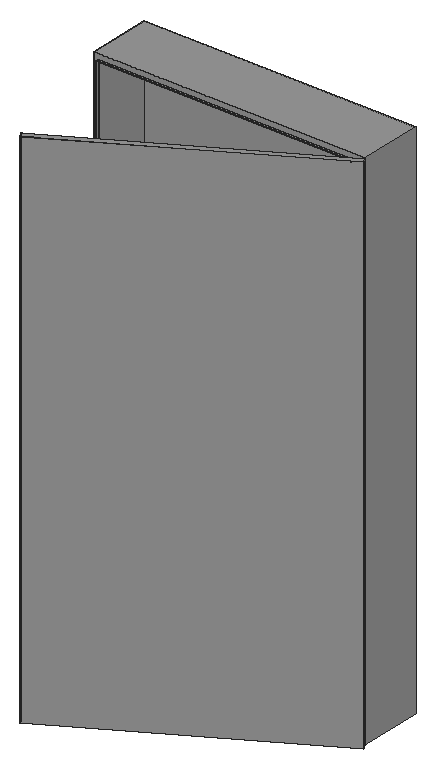
Revit family "Hager-Univers-IP54-D205-H1550-Cl.II-Encl-NoHosted-PT-pt", category Electrical Equipment, Revit 2020
Family settings
  Panel Configuration = Two Columns, Circuits Across
  Round Connector Dimension = Use Diameter
  Part Type = Panelboard
  Work Plane-Based = Yes
  Always vertical = Yes
  Cut with Voids When Loaded = No
  Shared = No
  Room Calculation Point = No
Parameters (values of type "Montagem em superfície (gesso) IP54 L800 A1550 P205  - FP03SW2")
  Width Control [instance] = if([EF000008 - Largura] > Min Width, [EF000008 - Largura], Min Width)  # 800 mm
  Type Comments = [HG000003 - Gama]  # "Univers"
  Thickness Door [instance] = if([EF009171 - Espessura do material da porta/tampa] > 3 mm, 3 mm, [EF009171 - Espessura do material da porta/tampa])  # 1 mm
  Seal Frame Offset [instance] = 17 mm  # constant formula
  Plinth Visibility [instance] = [HG000027 - Altura da Plinta] > 0 mm  # no
  Min Width [instance] = 100 mm  # constant formula
  Min Depth [instance] = (2 * [EF009170 - Espessura do material do invólucro]) + 1 mm  # 3 mm
  Min Height [instance] = 100 mm  # constant formula
  Internal Frame Depth [instance] = (Door System Depth * 0.5)  # 9 mm
  Panel Name [instance] = ""  # (empty or 0)
  Model = ""
  HG000027 - Altura da Plinta = 0 mm
  HG000026 - Instalação no chão = no
  HG000024 - Altura da secção inferior = 600 mm
  HG000023 - Recinto de secção dupla = no
  HG000016 - Visibilidade da porta 3D [instance] = yes
  HG000015 - Visibilidade através da porta [instance] = no
  HG000014 - Porta à direita [instance] = yes
  HG000013 - Porta à esquerda [instance] = not([HG000014 - Porta à direita])  # no
  HG000012 - Ângulo de abertura de porta [instance] = 30.00°
  HG000010 - Portas assimétricas = no
  HG000009 - Porta dupla = no
  HG000006 - Encastrado = no
  HG000004 - Referência do Fabricante = "FP03SW2"
  HG000003 - Gama = "Univers"
  HG000002 - Com porta ou tampa = yes
  Frame Offset Bottom [instance] = 10 mm  # constant formula
  Frame Offset [instance] = 15 mm  # constant formula
  EF015940 - Tampa com libertação de sobrepressão = no
  EF011959 - Grau de proteção (NEMA) = ""
  EF009554 - Número de aberturas para placas de flange = 6
  EF009212 - Tipo de tampa = "EV000116 - Fechado"
  EF009171 - Espessura do material da porta/tampa = 1 mm
  EF009170 - Espessura do material do invólucro = 1 mm
  EF008873 - Corrente nominal (In) = 250 A
  EF007800 - Adequado para proteção contra raios = no
  EF006306 - Com fecho = no
  EF006244 - Tampa/porta transparente = no
  EF005474 - Grau de proteção (IP) = "EV006419 - IP54"
  EF004464 - Tipo de porta = "EV002646 - Único"
  EF004427 - Número de módulos = 360
  EF004293 - Força de impacto = "EV006815 - IK09"
  EF003532 - Adequado para uso no exterior = no
  EF002950 - Largura em número de módulos = 36
  EF001613 - Integridade do circuito = "EV000494 - Nenhum"
  EF001596 - Material do corpo = "EV000179 - Aço"
  EF001131 - Profundidade interior = 143 mm
  EF001088 - Extensão possível = yes
  EF000437 - Número de entradas de condutores = 6
  EF000339 - Tipo de difusor = "EV001012 - Tampa"
  EF000266 - Número de linhas = 10
  EF000218 - Profundidade incorporada = 205 mm
  EF000118 - Com tampa de montagem = no
  EF000116 - Número RAL = "9010"
  EF000049 - Profundidade = 205 mm
  EF000040 - Altura = 1550 mm
  EF000008 - Largura = 800 mm
  EF000007 - Cor = "EV000202 - Branco"
  EF000003 - Método de montagem = "EV000384 - Montagem em superfície (gesso)"
  Door System Leaf Tolerance [instance] = 1.5 mm  # constant formula
  Door System Depth [instance] = 18 mm  # constant formula
  Door Height [instance] = Height Control - [HG000027 - Altura da Plinta]  # 1550 mm
  Description = ""
  Default Elevation = 1219.2 mm
  Connector Offset [instance] = Height Control / 2  # 775 mm
  Manufacturer = "Hager"  # constant formula
  Height Control [instance] = if([EF000040 - Altura] > Min Height, [EF000040 - Altura], Min Height)  # 1550 mm
  Depth Control [instance] = if([EF000049 - Profundidade] > Min Depth, [EF000049 - Profundidade], Min Depth)  # 205 mm
  Bottom Top Plate Trim [instance] = 1.5 mm  # constant formula
  Plinth height Ctrl [instance] = if([HG000027 - Altura da Plinta] > 0 mm, [HG000027 - Altura da Plinta], 12 mm)  # 12 mm
Types (5, lengths in mm): name | Width Control | HG000010 - Portas assimétricas | HG000009 - Porta dupla | HG000004 - Referência do Fabricante | EF009554 - Número de aberturas para placas de flange | EF008873 - Corrente nominal (In) | EF004464 - Tipo de porta | EF004427 - Número de módulos | EF002950 - Largura em número de módulos | EF000437 - Número de entradas de condutores | EF000008 - Largura
  Montagem em superfície (gesso) IP54 L1050 A1550 P205  - FP04SW2 | 1050 | no | yes | "FP04SW2" | 8 | 400 A | "EV003602 - Duplo" | 480 | 48 | 8 | 1050
  Montagem em superfície (gesso) IP54 L1300 A1550 P205  - FP05SW2 | 1300 | yes | yes | "FP05SW2" | 10 | 400 A | "EV003602 - Duplo" | 600 | 60 | 10 | 1300
  Montagem em superfície (gesso) IP54 L300 A1550 P205  - FP01SW2 | 300 | no | no | "FP01SW2" | 2 | 250 A | "EV002646 - Único" | 120 | 12 | 2 | 300
  Montagem em superfície (gesso) IP54 L550 A1550 P205  - FP02SW2 | 550 | no | no | "FP02SW2" | 4 | 250 A | "EV002646 - Único" | 240 | 24 | 4 | 550
  Montagem em superfície (gesso) IP54 L800 A1550 P205  - FP03SW2 | 800 | no | no | "FP03SW2" | 6 | 250 A | "EV002646 - Único" | 360 | 36 | 6 | 800
Reference planes
  plane 1 "Center (Front/Back)": y = 0
  plane 2: z = 0
  plane 3 "Center (Left/Right)": x = 0
  plane 4: y = 0
  plane 5: y = 0
  plane 6: z = 0
  plane 7: x = -400
  plane 8: x = 400
  plane 9: x = 399
  plane 10: x = -399
  plane 11: z = 0
  plane 12: z = 1
  plane 13: y = -205
  plane 14: y = -1
  plane 15: x = 0
  plane 16: y = -187
  plane 17: y = -204
  plane 18: y = -186
  plane 19: x = -384
  plane 20: x = 384
  plane 21: z = 11
  plane 22: x = -383
  plane 23: x = 383
  plane 24: z = 0
  plane 25: z = 1550
  plane 26: z = 1550
  plane 27: z = 1534
  plane 28: z = 1549
Forms (mm)
  Extrusion 1, solid, material "Hager_Steel_RAL7035_Light_Grey", detail levels medium+fine
    sketch origin (-208.679, -4572, 0) x (-1, 0, 0) y (0, -1, 0)
      loop
        line (191.321, -4385) -> (-608.679, -4385) -> (-608.679, -4572) -> (191.321, -4572) -> (191.321, -4385)
    from 0 to 1550
  Extrusion 2, void
    sketch origin (-350.771, -205, 1219.2) x (1, 0, 0) y (0, 0, 1)
      loop
        line (-48.229, 329.8) -> (-48.229, -1218.2) -> (749.771, -1218.2) -> (749.771, 329.8) -> (-48.229, 329.8)
    from -19 to -204
  Extrusion 3, void
    sketch origin (-290.084, -187, 1219.2) x (1, 0, 0) y (0, 0, 1)
      loop
        line (-93.916, -1208.2) -> (674.084, -1208.2) -> (674.084, 314.8) -> (-93.916, 314.8) -> (-93.916, -1208.2)
    from 0 to -1
  Extrusion 4, solid, material "Hager_Steel_RAL7035_Light_Grey", visible <- "Plinth Visibility", detail levels medium+fine
    sketch origin (0, 0, 0) x (1, 0, 0) y (0, 1, 0)
      loop
        line (-400, 0) -> (-400, -187) -> (400, -187) -> (400, 0) -> (-400, 0)
    from 0 to 12 <- "Plinth height Ctrl"
  Extrusion 5, solid, material "Hager_Steel_RAL7035_Light_Grey", detail levels coarse
    sketch origin (0, 0, 0) x (1, 0, 0) y (0, 1, 0)
      loop
        line (-400, 0) -> (-400, -205) -> (400, -205) -> (400, 0) -> (-400, 0)
    from 0 to 1550 <- "Height Control"
  Sweep 6, void
    path in 3D
      loop
        line (-400, -187, 12) -> (400, -187, 12) -> (400, 0, 12) -> (-400, 0, 12) -> (-400, -187, 12)
    profile origin (-400, -93.5, 12) x (1, 0, 0) y (0, 0, 1)
      loop
        line (0, 0) -> (0, -1.5) -> (1.5, -1.5)
        arc (1.5, -1.5) -> (1.061, -0.439) -> (0, 0) r 1.5
  Extrusion 7, solid, material "Hager_Steel_RAL7035_Light_Grey", detail levels fine
    sketch origin (-400, -187, 0) x (1, 0, 0) y (0, 0, 1)
      loop
        line (16, 11) -> (784, 11) -> (784, 1534) -> (16, 1534) -> (16, 11)
      loop
        line (15, 10) -> (785, 10) -> (785, 1535) -> (15, 1535) -> (15, 10)
    from 0 to 9 <- "Internal Frame Depth"
Cuts and joins
  Extrusion 2, Extrusion 3 cuts Extrusion 1
  Sweep 6 cuts Extrusion 4
Lines and regions (mm)
  Masking region 1
    outline origin (0, 0, 0) x (1, 0, 0) y (0, 1, 0)
      loop
        line (-400, 0) -> (-400, -205) -> (400, -205) -> (400, 0) -> (-400, 0)
  Masking region 2, detail levels coarse
    outline origin (-290.084, -187, 1219.2) x (-1, 0, 0) y (0, 0, 1)
      loop
        line (-690.084, -1219.2) -> (109.916, -1219.2) -> (109.916, 330.8) -> (-690.084, 330.8) -> (-690.084, -1219.2)
  Masking region 3, detail levels coarse
    outline origin (0, 0, 0) x (0, 1, 0) y (0, 0, 1)
      loop
        line (0, 0) -> (0, 1550) -> (-205, 1550) -> (-205, 0) -> (0, 0)
  Masking region 4, visible <- "Plinth Visibility", detail levels medium+fine
    outline origin (0, 0, 0) x (0, 1, 0) y (0, 0, 1)
      loop
        line (-1.5, 12) -> (-185.5, 12)
        arc (-185.5, 12) -> (-185.939, 10.939) -> (-187, 10.5) r 1.5
        line (-187, 10.5) -> (-187, 0) -> (0, 0) -> (0, 10.5)
        arc (0, 10.5) -> (-1.061, 10.939) -> (-1.5, 12) r 1.5
  Masking region 5, detail levels medium+fine
    outline origin (0, 0, 594.038) x (0, 1, 0) y (0, 0, 1)
      loop
        line (0, -594.038) -> (0, 955.962) -> (-187, 955.962) -> (-187, -594.038) -> (0, -594.038)
  Masking region 6, detail levels medium+fine
    outline origin (-359.7, -187, 1211.883) x (-1, 0, 0) y (0, 0, 1)
      loop
        line (-759.7, -1211.883) -> (40.3, -1211.883) -> (40.3, 338.117) -> (-759.7, 338.117) -> (-759.7, -1211.883)
  Masking region 7, visible <- "Plinth Visibility", detail levels medium+fine
    outline origin (-320.334, -187, 1041.368) x (-1, 0, 0) y (0, 0, 1)
      loop
        line (-720.334, -1041.368) -> (79.666, -1041.368) -> (79.666, -1030.868)
        arc (79.666, -1030.868) -> (78.606, -1030.429) -> (78.166, -1029.368) r 1.5
        line (78.166, -1029.368) -> (-718.834, -1029.368)
        arc (-718.834, -1029.368) -> (-719.273, -1030.429) -> (-720.334, -1030.868) r 1.5
        line (-720.334, -1030.868) -> (-720.334, -1041.368)
  sketch lines
    curve 1: line (-400, 0, 12) -> (-400, -187, 12)
    curve 2: line (-400, -187, 12) -> (400, -187, 12)
    curve 3: line (400, 0, 12) -> (-400, 0, 12)
    curve 4: line (400, -187, 12) -> (400, 0, 12)
Dimensions and locks
  locked: plane 1 "Center (Front/Back)" to plane 5
  "EF009170 - Espessura do material do invólucro": plane 7 to plane 10
  "EF009170 - Espessura do material do invólucro": plane 8 to plane 9
  equal spacing: plane 7, plane 3 "Center (Left/Right)", plane 8
  "Width Control": plane 7 to plane 8
  "Depth Control": plane 4 to plane 13
  "EF009170 - Espessura do material do invólucro": plane 4 to plane 14
  "Height Control": plane 25 to level
  "HG000027 - Altura da Plinta": plane 11 to level
  "EF009170 - Espessura do material do invólucro": plane 12 to plane 11
  "EF009170 - Espessura do material do invólucro": plane 17 to plane 13
  "EF009170 - Espessura do material do invólucro": plane 18 to plane 16
  "Frame Offset Bottom": plane 21 to plane 12
  "Frame Offset": plane 10 to plane 19
  "Frame Offset": plane 9 to plane 20
  "Door System Depth": plane 16 to plane 13
  "Seal Frame Offset": plane 7 to plane 22
  "Seal Frame Offset": plane 8 to plane 23
  "EF009170 - Espessura do material do invólucro": plane 26 to plane 28
  "Frame Offset": plane 28 to plane 27
  "Connector Offset": plane 2 to connector elem
  "Bottom Top Plate Trim": profile plane to Sweep 6 sketch curve
  "Bottom Top Plate Trim": Sweep 6 sketch curve to Sweep 6 sketch curve
  "Plinth height Ctrl": Masking region 4 sketch curve to level
  "Plinth height Ctrl": Masking region 7 sketch curve to level
  "Thickness Door": Extrusion 7 sketch curve to Extrusion 7 sketch curve  (x4)
  "Bottom Top Plate Trim": radius of Sweep 6 sketch curve
  "Bottom Top Plate Trim": radius of Masking region 4 sketch curve  (x2)
  "Bottom Top Plate Trim": radius of Masking region 7 sketch curve  (x2)
  aligned and locked: Extrusion 2 sketch curve to plane 12
  aligned and locked: Extrusion 2 sketch curve to plane 9
  aligned and locked: Extrusion 2 sketch curve to plane 10
  aligned and locked: Extrusion 2 to plane 14
  aligned and locked: Extrusion 1 sketch curve to plane 4
  aligned and locked: plane 8 to Extrusion 1 sketch curve
  aligned and locked: plane 7 to Extrusion 1 sketch curve
  aligned and locked: Extrusion 2 to plane 18
  aligned and locked: Extrusion 3 sketch curve to plane 19
  aligned and locked: plane 20 to Extrusion 3 sketch curve
  aligned and locked: Extrusion 3 to Extrusion 2
  aligned and locked: Extrusion 3 sketch curve to plane 21
  aligned and locked: plane 3 "Center (Left/Right)" to nested 1
  aligned and locked: Extrusion 1 sketch curve to plane 16
  aligned and locked: Extrusion 4 sketch curve to cut or joined group of Extrusion 1, Extrusion 2, Extrusion 3
  aligned and locked: Masking region 1 sketch curve to plane 7
  aligned and locked: Masking region 1 sketch curve to plane 5
  aligned and locked: Masking region 1 sketch curve to plane 8
  aligned and locked: Masking region 2 sketch curve to level
  aligned and locked: level to Masking region 3 sketch curve
  aligned and locked: plane 1 "Center (Front/Back)" to Masking region 3 sketch curve
  aligned and locked: plane 13 to Masking region 3 sketch curve
  aligned and locked: plane 5 to Masking region 4 sketch curve
  aligned and locked: Masking region 2 sketch curve to plane 8
  aligned and locked: Masking region 2 sketch curve to plane 7
  aligned and locked: plane 7 to nested 2
  aligned and locked: nested 2 to plane 5
  aligned and locked: plane 5 to Masking region 5 sketch curve
  aligned and locked: plane 26 to Masking region 5 sketch curve
  aligned and locked: Extrusion 5 sketch curve to plane 8
  aligned and locked: Extrusion 5 sketch curve to plane 7
  aligned and locked: Extrusion 5 sketch curve to plane 5
  aligned and locked: Extrusion 3 sketch curve to plane 27
  aligned and locked: Extrusion 2 sketch curve to plane 28
  aligned and locked: Masking region 2 to plane 25
  aligned and locked: Extrusion 4 to plane 16
  aligned and locked: profile plane to Sweep 6 sketch curve
  aligned and locked: Masking region 5 sketch curve to plane 24
  aligned and locked: level to Masking region 4 sketch curve
  aligned and locked: Masking region 1 to plane 13
  aligned and locked: nested 1 to plane 16
  aligned and locked: Masking region 3 to plane 25
  aligned and locked: plane 16 to Masking region 4 sketch curve
  aligned and locked: Masking region 5 sketch curve to plane 16
  aligned and locked: plane 24 to plane 11
  aligned and locked: plane 26 to plane 25
  aligned and locked: plane 26 to cut or joined group of Extrusion 1, Extrusion 2, Extrusion 3
  aligned and locked: nested 1 to plane 24
  aligned and locked: Extrusion 1 to Extrusion 3
  aligned and locked: Masking region 6 sketch curve to plane 8
  aligned and locked: Masking region 6 sketch curve to plane 24
  aligned and locked: Masking region 6 sketch curve to plane 7
  aligned and locked: Masking region 6 sketch curve to plane 26
  aligned and locked: Masking region 7 sketch curve to plane 7
  aligned and locked: level to Masking region 7 sketch curve
  aligned and locked: Masking region 7 sketch curve to plane 8
  aligned and locked: Extrusion 7 sketch curve to cut or joined group of Extrusion 1, Extrusion 2, Extrusion 3  (x4)
Automatic sketch dimensions
  plane 19 to Extrusion 3 sketch curve = 0 mm
  Extrusion 3 sketch curve to plane 20 = 0 mm
  Extrusion 3 sketch curve to plane 21 = 0 mm
  Extrusion 4 sketch curve to plane 7 = 0 mm
  Extrusion 4 sketch curve to plane 8 = 0 mm
  Extrusion 4 sketch curve to plane 16 = 0 mm
  Masking region 1 sketch curve to plane 13 = 0 mm
  Masking region 2 sketch curve to plane 25 = 0 mm
  Masking region 3 sketch curve to plane 25 = 0 mm
  Extrusion 5 sketch curve to plane 13 = 0 mm
  profile plane to Sweep 6 sketch curve = 0 mm
Nested families
  nested 1: "EC000058_Univers_Door" at (0, -187, 0), Double <- "HG000009 - Porta dupla", Transparent <- "EF006244 - Tampa/porta transparente", Angle <- "HG000012 - Ângulo de abertura de porta", Door_Right <- "HG000014 - Porta à direita", Assymetrical <- "HG000010 - Portas assimétricas", Door <- "HG000002 - Com porta ou tampa", Width_Ctrl <- "Width Control", 3d_Door <- "HG000016 - Visibilidade da porta 3D", Clearance <- "HG000015 - Visibilidade através da porta", Door_Left <- "HG000013 - Porta à esquerda", Width <- "Width Control", Door_Depth <- "Door System Depth", Leaf_Tolerance <- "Door System Leaf Tolerance", Height <- "Door Height", Lock_Visibility <- "EF006306 - Com fecho", Thickness <- "Thickness Door", type "EC000058_Univers_Door", detail levels medium+fine
    with min_wh 3 mm, Width_Ctrl 800 mm, Width 800 mm, Transparent no, Thickness 1 mm, Seal_Material Hager_Rubber, Lock_Visibility no, Lock_Material Hager_Plastic_RAL9005_Jet_Black, Leaf_Width 800 mm, Leaf_Tolerance_External_Sides 0 mm, Leaf_Tolerance 1.5 mm, Leaf_Offset 0 mm, Leaf_Height 1547 mm, Leaf_2_Width 800 mm, Leaf_2_Offset 400 mm, Leaf_1_Width 800 mm, Leaf_1_Offset 400 mm, Height_Ctrl 1550 mm, Height 1550 mm, Glass_Material Hager_Glass, Double_Clearance_Ctrl no, Double no, Door_Right_Ctrl yes, Door_Right yes, Door_Material Hager_Steel_RAL7035_Light_Grey, Door_Left_Ctrl no, Door_Left no, Door_Depth 18 mm, Door yes, Clearance_Material Hager_Clearance, Clearance_Depth 800 mm, Clearance_Ctrl no, Clearance no, Assymetrical no, Angle 30.00°, 3d_Door yes
  nested 2: "Hager_Enclosure_Symbol" at (-400, 0, 0), Height <- "Depth Control", Width <- "Width Control", type "Hager_Enclosure_Symbol"
    with Width_Ctrl 800 mm, Width 800 mm, Height_Ctrl 205 mm, Height 205 mm, A_Width_Int 13.453 mm, A_Width 161.438 mm, A_Height_Ctrl 179.375 mm, A_Height 179.375 mm
Connectors
  electrical at (0, 0, 775)
    settings: on plane 1 "Center (Front/Back)", index 1, voltage 0 V, apparent load 0 VA, apparent load phase1 0 VA, apparent load phase2 0 VA, apparent load phase3 0 VA, power factor 1, load classification "Other", number of poles 1, system type 30, power factor state 1, is connector primary yes, connector utility no, sub classification motor no, connector description ""
Definition of nested family "EC000058_Univers_Door"
  Parameters (values of type "EC000058_Univers_Door")
    min_wh [instance] = (2 * Thickness) + 1 mm  # 11 mm
    Width_Ctrl [instance] = 400 mm
    Width [instance] = 500 mm
    Transparent [instance] = yes
    Thickness [instance] = 5 mm
    Seal_Material [instance] = none
    Lock_Visibility [instance] = yes
    Lock_Material [instance] = none
    Leaf_Width [instance] = if((Width_Ctrl - 2 * Leaf_Tolerance_External_Sides) > 0 mm, (Width_Ctrl - 2 * Leaf_Tolerance_External_Sides), min_wh)  # 400 mm
    Leaf_Tolerance_External_Sides [instance] = 0 mm  # constant formula
    Leaf_Tolerance [instance] = 1.5 mm
    Leaf_Offset [instance] = 0 mm  # constant formula
    Leaf_Height [instance] = if((Height_Ctrl - 2 * Leaf_Tolerance) > 0 mm, (Height_Ctrl - 2 * Leaf_Tolerance), min_wh)  # 497 mm
    Leaf_2_Width [instance] = if(and(and(Double, Assymetrical), Door_Left), (Leaf_Width / 3) - (Leaf_Tolerance / 2), if(and(and(Double, Assymetrical), Door_Right), (Leaf_Width / 3) * 2 - (Leaf_Tolerance / 2), if(and(Double, not(Assymetrical)), (Leaf_Width / 2) - Leaf_Tolerance, Leaf_Width)))  # 400 mm
    Leaf_2_Offset [instance] = if(and(Double, Assymetrical), Leaf_2_Width / 2, if(and(Double, not(Assymetrical)), Leaf_Width / 4, Leaf_Width / 2))  # 200 mm
    Leaf_1_Width [instance] = if(and(and(Double, Assymetrical), Door_Right), (Leaf_Width / 3) - (Leaf_Tolerance / 2), if(and(and(Double, Assymetrical), Door_Left), (Width / 3) * 2 - (Leaf_Tolerance / 2), if(and(Double, not(Assymetrical)), (Leaf_Width / 2) - Leaf_Tolerance, Leaf_Width)))  # 400 mm
    Leaf_1_Offset [instance] = if(and(Double, Assymetrical), Leaf_1_Width / 2, if(and(Double, not(Assymetrical)), Leaf_Width / 4, Leaf_Width / 2))  # 200 mm
    Height_Ctrl [instance] = if(Height > min_wh, Height, min_wh)  # 500 mm
    Height [instance] = 500 mm
    Glass_Material [instance] = none
    Double_Clearance_Ctrl [instance] = and(Double, Clearance)  # no
    Double [instance] = no
    Door_Right_Ctrl [instance] = and(or(Door_Right, Double), Door)  # yes
    Door_Right [instance] = yes
    Door_Material [instance] = none
    Door_Left_Ctrl [instance] = and(or(Door_Left, Double), Door)  # no
    Door_Left [instance] = no
    Door_Depth [instance] = 30 mm
    Door [instance] = yes
    Default Elevation = 1219.2 mm
    Clearance_Material [instance] = none
    Clearance_Depth [instance] = if(Leaf_1_Width > Leaf_2_Width, Leaf_1_Width, Leaf_2_Width)  # 400 mm
    Clearance_Ctrl [instance] = and(not(Double), Clearance)  # yes
    Clearance [instance] = yes
    Assymetrical [instance] = yes
    Angle [instance] = 30.00°
    3d_Door [instance] = yes
  Reference planes
    plane 1 "Center (Front/Back)": y = 0
    plane 2 "Bottom": z = 0
    plane 3 "Center (Left/Right)": x = 0
    plane 4: z = 500
    plane 5: x = -200
    plane 6: x = 200
    plane 7: z = 500
    plane 8: x = -200
    plane 9: z = 0
    plane 10: x = 200
    plane 11: y = 0
    plane 12: z = 1.5
    plane 13: x = -600
    plane 14: y = -400
    plane 15: x = 600
    plane 16: x = 0
    plane 17: x = 0
    plane 18: x = -200
    plane 19: x = 200
    plane 20: z = 498.5
  Forms (mm)
    Extrusion 1, solid, material <- "Clearance_Material", visible <- "Double_Clearance_Ctrl"
      sketch origin (1200, 0, 0) x (1, 0, 0) y (0, 0, -1)
        loop
          line (-1800, -498.5) -> (-600, -498.5) -> (-600, 0) -> (-1800, 0) -> (-1800, -498.5)
      from 0 to -400
  Dimensions and locks
    equal spacing: plane 5, plane 3 "Center (Left/Right)", plane 6
    "Width_Ctrl": plane 5 to plane 6
    "Leaf_Offset": plane 5 to plane 8
    "Leaf_Offset": plane 6 to plane 10
    "Leaf_Offset": plane 9 to level
    "Leaf_Offset": plane 4 to plane 7
    "Height_Ctrl": plane 4 to level
    "Leaf_Tolerance": plane 12 to plane 9
    locked: plane 11 to plane 1 "Center (Front/Back)"
    "Leaf_1_Offset": plane 18 to plane 16
    "Leaf_2_Offset": plane 17 to plane 19
    "Leaf_1_Width": plane 13 to plane 8
    "Leaf_2_Width": plane 10 to plane 15
    "Clearance_Depth": plane 14 to plane 1 "Center (Front/Back)"
    "Leaf_Tolerance_External_Sides": plane 8 to plane 18
    "Leaf_Tolerance_External_Sides": plane 19 to plane 10
    "Leaf_Tolerance": plane 7 to plane 20
    aligned and locked: level to plane 2 "Bottom"
    aligned and locked: nested 1 to plane 16
    aligned and locked: nested 2 to plane 17
    aligned and locked: Extrusion 1 to plane 13
    aligned and locked: plane 15 to Extrusion 1
    aligned and locked: Extrusion 1 to plane 14
    aligned and locked: plane 12 to nested 1
    aligned and locked: nested 2 to plane 12
    aligned and locked: Extrusion 1 to plane 11
    aligned and locked: plane 20 to Extrusion 1
    aligned and locked: nested 2 to plane 11
    aligned and locked: nested 1 to plane 11
  Automatic sketch dimensions
    Extrusion 1 sketch curve to level = 0 mm
    plane 5 to Extrusion 1 sketch curve = 400 mm
    plane 6 to Extrusion 1 sketch curve = 400 mm
    Extrusion 1 sketch curve to plane 4 = 1.5 mm
  Nested families
    nested 1: "EC000058_Univers_Door_Leaf" at (0, 0, 1.5), Width <- "Leaf_1_Width", visible <- "Door_Left_Ctrl", Leaf_Height <- "Leaf_Height", Angle <- "Angle", 3d_Door <- "3d_Door", Transparent <- "Transparent", Clearance Material <- "Clearance_Material", Clearance <- "Clearance_Ctrl", Door_Material <- "Door_Material", Glass_Material <- "Glass_Material", Door_Depth <- "Door_Depth", Lock_Material <- "Lock_Material", Seal_Material <- "Seal_Material", Lock_Visibility <- "Lock_Visibility", Thickness <- "Thickness", type "EC000058_Univers_Door_Leaf"
      with Width 400 mm, Transparent_Glass_Offset 30 mm, Transparent_Ctrl yes, Transparent yes, Thickness 5 mm, Standard no, Seal_Material none, Seal_D2 8 mm, Seal_D1 1 mm, Offset_Internal_Frame 10 mm, Lock_Width 20 mm, Lock_Visibility_3d yes, Lock_Visibility yes, Lock_Thickness_3 3 mm, Lock_Thickness_2 1 mm, Lock_Thickness_1 3 mm, Lock_Radius_Offset_2 16 mm, Lock_Radius_Offset_1 15 mm, Lock_Radius_2 5 mm, Lock_Radius 6 mm, Lock_Offset 5 mm, Lock_Material none, Lock_Height 80 mm, Lock_Cover_Top_Offset_2d 17 mm, Lock_Cover_Height -65 mm, Leaf_Height 497 mm, Internal_Seal_Thickness 8 mm, Internal_Seal_Depth_2 4.5 mm, Internal_Frame_Depth 25 mm, Glass_Thickness -1 mm, Glass_Offset -2 mm, Glass_Material none, Door_Material none, Door_Depth 30 mm, Clearance Material none, Clearance yes, Angle_Ctrl 30.00°, Angle 30.00°, 3d_Door yes
    nested 2: "EC000058_Univers_Door_Leaf" at (0, 0, 1.5) x (-1, 0, 0) z (0, 0, 1), Width <- "Leaf_2_Width", visible <- "Door_Right_Ctrl", Leaf_Height <- "Leaf_Height", Angle <- "Angle", 3d_Door <- "3d_Door", Transparent <- "Transparent", Clearance Material <- "Clearance_Material", Clearance <- "Clearance_Ctrl", Door_Material <- "Door_Material", Glass_Material <- "Glass_Material", Door_Depth <- "Door_Depth", Lock_Material <- "Lock_Material", Seal_Material <- "Seal_Material", Lock_Visibility <- "Lock_Visibility", Thickness <- "Thickness", type "EC000058_Univers_Door_Leaf"
      with Width 400 mm, Transparent_Glass_Offset 30 mm, Transparent_Ctrl yes, Transparent yes, Thickness 5 mm, Standard no, Seal_Material none, Seal_D2 8 mm, Seal_D1 1 mm, Offset_Internal_Frame 10 mm, Lock_Width 20 mm, Lock_Visibility_3d yes, Lock_Visibility yes, Lock_Thickness_3 3 mm, Lock_Thickness_2 1 mm, Lock_Thickness_1 3 mm, Lock_Radius_Offset_2 16 mm, Lock_Radius_Offset_1 15 mm, Lock_Radius_2 5 mm, Lock_Radius 6 mm, Lock_Offset 5 mm, Lock_Material none, Lock_Height 80 mm, Lock_Cover_Top_Offset_2d 17 mm, Lock_Cover_Height -65 mm, Leaf_Height 497 mm, Internal_Seal_Thickness 8 mm, Internal_Seal_Depth_2 4.5 mm, Internal_Frame_Depth 25 mm, Glass_Thickness -1 mm, Glass_Offset -2 mm, Glass_Material none, Door_Material none, Door_Depth 30 mm, Clearance Material none, Clearance yes, Angle_Ctrl 30.00°, Angle 30.00°, 3d_Door yes
  Definition of nested family "EC000058_Univers_Door_Leaf"
    Parameters (values of type "EC000058_Univers_Door_Leaf")
      Width [instance] = 2000 mm
      Transparent_Glass_Offset [instance] = 30 mm
      Transparent_Ctrl [instance] = and(Transparent, [3d_Door])  # yes
      Transparent [instance] = yes
      Thickness [instance] = 5 mm
      Standard [instance] = and(not(Transparent), [3d_Door])  # no
      Seal_Material [instance] = none
      Seal_D2 [instance] = 8 mm  # constant formula
      Seal_D1 [instance] = 1 mm  # constant formula
      Offset_Internal_Frame [instance] = 10 mm  # constant formula
      Lock_Width [instance] = 20 mm  # constant formula
      Lock_Visibility_3d [instance] = and(Lock_Visibility, [3d_Door])  # yes
      Lock_Visibility [instance] = yes
      Lock_Thickness_3 [instance] = 3 mm  # constant formula
      Lock_Thickness_2 [instance] = 1 mm  # constant formula
      Lock_Thickness_1 [instance] = 3 mm  # constant formula
      Lock_Radius_Offset_2 [instance] = Lock_Radius_Offset_1 + 1 mm  # 16 mm
      Lock_Radius_Offset_1 [instance] = 15 mm  # constant formula
      Lock_Radius_2 [instance] = Lock_Radius - 1 mm  # 5 mm
      Lock_Radius [instance] = 6 mm  # constant formula
      Lock_Offset [instance] = 5 mm  # constant formula
      Lock_Material [instance] = none
      Lock_Height [instance] = 80 mm  # constant formula
      Lock_Cover_Top_Offset_2d [instance] = Lock_Radius_Offset_2 + 1 mm  # 17 mm
      Lock_Cover_Height [instance] = -(Lock_Height - Lock_Radius_Offset_1)  # -65 mm
      Leaf_Height [instance] = 2720.336 mm
      Internal_Seal_Thickness [instance] = 8 mm  # constant formula
      Internal_Seal_Depth_2 [instance] = 4.5 mm  # constant formula
      Internal_Frame_Depth [instance] = if(Door_Depth - Thickness > 5 mm, Door_Depth - Thickness, 5 mm)  # 25 mm
      Glass_Thickness [instance] = if(Thickness > 15 mm, Glass_Offset + 10 mm, -1 mm)  # -1 mm
      Glass_Offset [instance] = if(Thickness > 15 mm, -(Thickness + 10 mm) / 2, -2 mm)  # -2 mm
      Glass_Material [instance] = none
      Door_Material [instance] = none
      Door_Depth [instance] = 30 mm
      Default Elevation = 0 mm
      Clearance Material [instance] = none
      Clearance [instance] = yes
      Angle_Ctrl [instance] = if(Angle > 180.00°, 180.00°, Angle)  # 90.00°
      Angle [instance] = 90.00°
      3d_Door [instance] = yes
    Reference planes
      plane 1 "Center (Front/Back)": y = 0
      plane 2: z = 0
      plane 3 "Center (Left/Right)": x = 0
      plane 4: y = 2000
      plane 5: x = -1000
      plane 6: x = 1000
      plane 7: x = -3000
      plane 8: z = 2720.336
      plane 9: z = 30
      plane 10: z = 2690.336
      plane 11: x = 970
      plane 12: x = -970
      plane 13: y = -3
      plane 14: z = 107.833
      plane 15: y = -5
      plane 16: y = -223.314
      plane 17: x = -1000
      plane 18: z = 1360.168
      plane 19: y = 30
    Forms (mm)
      Extrusion 1, solid, material <- "Clearance Material", visible <- "Clearance"
        sketch origin (0, 0, 0) x (1, 0, 0) y (0, 0, 1)
          loop
            line (-3000, 2720.336) -> (-3000, 0) -> (1000, 0) -> (1000, 2720.336) -> (-3000, 2720.336)
        from 0 to -2000
      Extrusion 2, solid, material <- "Door_Material", visible <- "Standard", detail levels medium+fine
        sketch origin (-1000, 0, 0) x (0, 1, 0) y (-1, 0, 0)
          loop
            line (0, 30) -> (0, 25) -> (2000, 25) -> (2000, 30) -> (0, 30)
        from 0 to 2720.336 <- "Leaf_Height"
      Extrusion 3, solid, material <- "Door_Material", visible <- "Transparent_Ctrl", detail levels medium+fine
        sketch origin (-1000, 0, 0) x (0, 1, 0) y (-1, 0, 0)
          loop
            line (0, 25) -> (2000, 25) -> (2000, 30) -> (0, 30) -> (0, 25)
        from 0 to 2720.336 <- "Leaf_Height"
      Extrusion 4, void
        sketch origin (-1025, 2000, 0) x (0, 1, 0) y (0, 0, -1)
          loop
            line (-30, -2690.336) -> (-30, -30) -> (-1970, -30) -> (-1970, -2690.336) -> (-30, -2690.336)
        from 0 to 5 <- "Thickness"
      Sweep 5, solid, material <- "Seal_Material", visible <- "Transparent_Ctrl", detail levels fine
        path in 3D
          loop
            line (-1025, 30, 30) -> (-1025, 30, 2690.336) -> (-1025, 1970, 2690.336) -> (-1025, 1970, 30) -> (-1025, 30, 30)
        profile origin (-1025, 1000, 30) x (1, 0, 0) y (0, 0, 1)
          loop
            line (0, 0) -> (0, -8) -> (1, -8) -> (1, 0) -> (0, 0)
      Extrusion 6, solid, material <- "Glass_Material", visible <- "Transparent_Ctrl", detail levels medium+fine
        sketch origin (-1030, 0, 0) x (0, 1, 0) y (0, 0, -1)
          loop
            line (1970, -2690.336) -> (1970, -30) -> (30, -30) -> (30, -2690.336) -> (1970, -2690.336)
        from -2 <- "Glass_Offset" to -1 <- "Glass_Thickness"
      Extrusion 7, solid, material <- "Door_Material", visible <- "3d_Door", detail levels medium+fine
        sketch origin (-1025, 2000, 0) x (0, -1, 0) y (0, 0, -1)
          loop
            line (0, -2720.336) -> (2000, -2720.336) -> (2000, 0) -> (0, 0) -> (0, -2720.336)
          loop
            line (1995, -5) -> (5, -5) -> (5, -2715.336) -> (1995, -2715.336) -> (1995, -5)
        from 0 to 25 <- "Internal_Frame_Depth"
      Sweep 8, solid, material <- "Seal_Material", visible <- "Transparent_Ctrl", detail levels fine
        path in 3D
          loop
            line (-1025, 0, 0) -> (-1025, 2000, 0) -> (-1025, 2000, 2720.336) -> (-1025, 0, 2720.336) -> (-1025, 0, 0)
        profile origin (-1025, 0, 1360.168) x (1, 0, 0) y (0, 1, 0)
          loop
            line (0, 10) -> (2.975, 10)
            arc (2.975, 10) -> (4.053, 10.447) -> (4.5, 11.525) r 1.525
            line (4.5, 11.525) -> (4.5, 16.527)
            arc (4.5, 16.527) -> (4.069, 17.569) -> (3.027, 18) r 1.473
            line (3.027, 18) -> (0, 18) -> (0, 10)
      Extrusion 9, solid, material <- "Lock_Material", visible <- "Lock_Visibility_3d", detail levels fine
        sketch origin (-1030, 0, 0) x (0, 1, 0) y (0, 0, -1)
          loop
            arc (1993.5, -1400.168) -> (1994.561, -1399.729) -> (1995, -1398.668) r 1.5
            line (1995, -1398.668) -> (1995, -1320.168) -> (1975, -1320.168) -> (1975, -1398.668)
            arc (1975, -1398.668) -> (1975.439, -1399.729) -> (1976.5, -1400.168) r 1.5
            line (1976.5, -1400.168) -> (1993.5, -1400.168)
        from 3 <- "Lock_Thickness_1" to 0
      Blend 10, solid, material <- "Lock_Material", visible <- "Lock_Visibility_3d", detail levels fine
        base sketch origin (-1033, 0, 0) x (0, 1, 0) y (0, 0, -1)
          loop
            line (1975, -1320.168) -> (1975, -1398.668)
            arc (1975, -1398.668) -> (1975.439, -1399.729) -> (1976.5, -1400.168) r 1.5
            line (1976.5, -1400.168) -> (1993.5, -1400.168)
            arc (1993.5, -1400.168) -> (1994.561, -1399.729) -> (1995, -1398.668) r 1.5
            line (1995, -1398.668) -> (1995, -1320.168) -> (1975, -1320.168)
        top sketch origin (-1033, 0, 0) x (0, 1, 0) y (0, 0, -1)
          loop
            line (1976, -1320.168) -> (1976, -1398.668)
            arc (1976, -1398.668) -> (1976.146, -1399.022) -> (1976.5, -1399.168) r 0.5
            line (1976.5, -1399.168) -> (1993.5, -1399.168)
            arc (1993.5, -1399.168) -> (1993.854, -1399.022) -> (1994, -1398.668) r 0.5
            line (1994, -1398.668) -> (1994, -1320.168) -> (1976, -1320.168)
        from 0 to 1 <- "Lock_Thickness_2"
      Blend 11, solid, material <- "Lock_Material", visible <- "Lock_Visibility_3d", detail levels fine
        base sketch origin (-1034, 0, 0) x (0, 1, 0) y (0, 0, -1)
          loop
            line (1978, -1320.168) -> (1978, -1384.168)
            arc (1978, -1384.168) -> (1985, -1391.168) -> (1992, -1384.168) r 7
            line (1992, -1384.168) -> (1992, -1320.168) -> (1978, -1320.168)
        top sketch origin (-1034, 0, 0) x (0, 1, 0) y (0, 0, -1)
          loop
            line (1991, -1320.168) -> (1979, -1320.168) -> (1979, -1383.168)
            arc (1979, -1383.168) -> (1985, -1389.168) -> (1991, -1383.168) r 6
            line (1991, -1383.168) -> (1991, -1320.168)
        from 0 to 3 <- "Lock_Thickness_3"
      Extrusion 12, solid, material <- "Lock_Material", visible <- "Lock_Visibility_3d", detail levels fine
        sketch origin (-1030, 1975, 1320.168) x (1, 0, 0) y (0, -1, 0)
          loop
            line (-7, -19) -> (-7, -1) -> (0, -1) -> (0, 0) -> (-8, 0) -> (-8, -20) -> (0, -20) -> (0, -19) -> (-7, -19)
        from 0 to -65 <- "Lock_Cover_Height"
      Extrusion 13, void
        sketch origin (-1038, 1995, 1320.168) x (-1, 0, 0) y (0, 0, -1)
          loop
            line (-5, -65) -> (0, -65) -> (-5, -60) -> (-5, -65)
        from 0 to 20 <- "Lock_Width"
      Extrusion 14, void
        sketch origin (-1038, 1975, 1320.168) x (0, -1, 0) y (0, 0, -1)
          loop
            circle (-10, -15.995) r 6
          loop
            circle (-10, -15.995) r 5
        from 0 to 2
      Extrusion 15, solid, material <- "Lock_Material", visible <- "Lock_Visibility_3d", detail levels medium
        sketch origin (-1030, 0, 0) x (0, 1, 0) y (0, 0, -1)
          loop
            arc (1993.5, -1400.168) -> (1994.561, -1399.729) -> (1995, -1398.668) r 1.5
            line (1995, -1398.668) -> (1995, -1320.168) -> (1975, -1320.168) -> (1975, -1398.668)
            arc (1975, -1398.668) -> (1975.439, -1399.729) -> (1976.5, -1400.168) r 1.5
            line (1976.5, -1400.168) -> (1993.5, -1400.168)
        from 8 to 0
    Cuts and joins
      Extrusion 4 cuts Extrusion 3
      Extrusion 13, Extrusion 14 cuts Extrusion 9
      Extrusion 14 cuts Blend 11
      Extrusion 13, Extrusion 14 cuts Extrusion 12
      joined: Extrusion 9, Blend 10, Blend 11, Extrusion 12
      Extrusion 14 cuts Extrusion 15
    Lines and regions (mm)
      Masking region 1, visible <- "Lock_Visibility", detail levels fine
        outline origin (0, 0, 0) x (0, 1, 0) y (0, 0, 1)
          loop
            line (30, 1320.168) -> (33, 1320.168) -> (33, 1400.168) -> (30, 1400.168) -> (30, 1320.168)
      Masking region 2, visible <- "Lock_Visibility", detail levels fine
        outline origin (0, 3.143, 0) x (0, 1, 0) y (0, 0, 1)
          loop
            line (29.857, 1354.168) -> (30.857, 1354.168) -> (30.857, 1366.168) -> (29.857, 1366.168) -> (29.857, 1354.168)
      Masking region 3, detail levels medium+fine
        outline origin (0, 0, 0) x (0, 1, 0) y (0, 0, 1)
          loop
            line (0, 0) -> (30, 0) -> (30, 2720.336) -> (0, 2720.336) -> (0, 0)
      Masking region 4, detail levels medium+fine
        outline origin (0, 0, 0) x (1, 0, 0) y (0, 0, 1)
          loop
            line (-1000, 2720.336) -> (-1000, 0) -> (1000, 0) -> (1000, 2720.336) -> (-1000, 2720.336)
      Masking region 5, visible <- "Lock_Visibility", detail levels fine
        outline origin (-47.116, 0, 0) x (1, 0, 0) y (0, 0, 1)
          loop
            arc (1024.616, 1399.168) -> (1023.556, 1398.729) -> (1023.116, 1397.668) r 1.5
            line (1023.116, 1397.668) -> (1023.116, 1320.168) -> (1041.116, 1320.168) -> (1041.116, 1397.668)
            arc (1041.116, 1397.668) -> (1040.677, 1398.729) -> (1039.616, 1399.168) r 1.5
            line (1039.616, 1399.168) -> (1024.616, 1399.168)
      Masking region 6, visible <- "Lock_Visibility", detail levels medium+fine
        outline origin (-25, 0, 0) x (1, 0, 0) y (0, 0, 1)
          loop
            arc (1001.5, 1400.168) -> (1000.439, 1399.729) -> (1000, 1398.668) r 1.5
            line (1000, 1398.668) -> (1000, 1320.168) -> (1020, 1320.168) -> (1020, 1398.668)
            arc (1020, 1398.668) -> (1019.561, 1399.729) -> (1018.5, 1400.168) r 1.5
            line (1018.5, 1400.168) -> (1001.5, 1400.168)
      Masking region 7, visible <- "Lock_Visibility", detail levels fine
        outline origin (-73.735, 0, 0) x (1, 0, 0) y (0, 0, 1)
          loop
            line (1051.735, 1382.168) -> (1065.735, 1382.168) -> (1065.735, 1384.168)
            arc (1065.735, 1384.168) -> (1058.735, 1391.168) -> (1051.735, 1384.168) r 7
            line (1051.735, 1384.168) -> (1051.735, 1382.168)
      Masking region 8, visible <- "Lock_Visibility", detail levels fine
        outline origin (-73.735, 0, 0) x (1, 0, 0) y (0, 0, 1)
          loop
            line (1052.735, 1382.168) -> (1064.735, 1382.168) -> (1064.735, 1383.168)
            arc (1064.735, 1383.168) -> (1058.735, 1389.168) -> (1052.735, 1383.168) r 6
            line (1052.735, 1383.168) -> (1052.735, 1382.168)
      Masking region 9, visible <- "Lock_Visibility", detail levels fine
        outline origin (-25, 0, 0) x (1, 0, 0) y (0, 0, 1)
          loop
            line (1020, 1320.168) -> (1020, 1382.168) -> (1000, 1382.168) -> (1000, 1320.168) -> (1020, 1320.168)
      Masking region 10, detail levels medium+fine
        outline origin (0, 0, 0) x (1, 0, 0) y (0, 0, 1)
          loop
            circle (985, 1335.144) r 6
      Masking region 11, detail levels fine
        outline origin (0, 0, 0) x (1, 0, 0) y (0, 0, 1)
          loop
            circle (985, 1335.144) r 5
      Masking region 12, visible <- "Lock_Visibility", detail levels fine
        outline origin (0, 12.767, 0) x (0, 1, 0) y (0, 0, 1)
          loop
            line (20.233, 1320.168) -> (21.233, 1320.168) -> (21.233, 1399.168) -> (20.233, 1400.168) -> (20.233, 1320.168)
      Masking region 13, visible <- "Lock_Visibility", detail levels fine
        outline origin (0, 13.767, -10) x (0, 1, 0) y (0, 0, 1)
          loop
            line (20.233, 1330.168) -> (23.233, 1330.168) -> (23.233, 1399.168) -> (20.233, 1402.168) -> (20.233, 1330.168)
      Masking region 14, visible <- "Lock_Visibility", detail levels fine
        outline origin (0, 12.767, -10) x (0, 1, 0) y (0, 0, 1)
          loop
            line (20.233, 1330.168) -> (25.233, 1330.168) -> (25.233, 1399.305) -> (20.233, 1394.305) -> (20.233, 1330.168)
      Masking region 15, visible <- "Lock_Visibility", detail levels medium
        outline origin (0, 0, 0) x (0, 1, 0) y (0, 0, 1)
          loop
            line (30, 1320.168) -> (38, 1320.168) -> (38, 1400.168) -> (30, 1400.168) -> (30, 1320.168)
      Masking region 16, visible <- "Lock_Visibility", detail levels fine
        outline origin (-1000, 0, 0) x (0, 1, 0) y (-1, 0, 0)
          loop
            line (1975, 30) -> (1995, 30) -> (1995, 38) -> (1975, 38) -> (1975, 30)
          loop
            line (1979, 37) -> (1976, 37) -> (1976, 34) -> (1978, 34) -> (1979, 37)
          loop
            line (1994, 37) -> (1991, 37) -> (1992, 34) -> (1994, 34) -> (1994, 37)
      Masking region 17, visible <- "Lock_Visibility", detail levels medium
        outline origin (-1000, 0, 0) x (0, 1, 0) y (-1, 0, 0)
          loop
            line (1975, 30) -> (1995, 30) -> (1995, 38) -> (1975, 38) -> (1975, 30)
      symbolic lines
        curve 1: line (1000, 0, 0) -> (-3000, 0, 0)
        curve 2: arc (1000, 0, 0) -> (-1000, 2000, 0) -> (-3000, 0, 0) r 2000
        curve 4: line (-1030, 0, 0) -> (-1030, 2000, 0)
      reference lines
        curve 3: line (-1000, 0, 0) -> (-1000, 2000, 0)
      symbolic lines, detail levels medium+fine
        curve 5: line (-1030, 2000, 0) -> (-1025, 2000, 0)
        curve 7: line (-1025, 0, 0) -> (-1030, 0, 0)
        curve 8: line (-1025, 0, 0) -> (-1000, 0, 0)
        curve 9: line (-1000, 0, 0) -> (-1000, 2000, 0)
        curve 10: line (-1000, 2000, 0) -> (-1025, 2000, 0)
      symbolic lines, detail levels fine
        curve 6: line (-1025, 2000, 0) -> (-1025, 0, 0)
      sketch lines
        curve 11: line (-1025, 0, 2720.336) -> (-1025, 0, 0)
        curve 12: line (-1025, 2000, 0) -> (-1025, 0, 0)
        curve 13: line (-1025, 2000, 2720.336) -> (-1025, 2000, 0)
        curve 14: line (-1025, 0, 2720.336) -> (-1025, 2000, 2720.336)
        curve 15: line (-1025, 1970, 30) -> (-1025, 30, 30)
        curve 16: line (-1025, 30, 30) -> (-1025, 30, 2690.336)
        curve 17: line (-1025, 1970, 2690.336) -> (-1025, 1970, 30)
        curve 18: line (-1025, 30, 2690.336) -> (-1025, 1970, 2690.336)
      symbolic lines, visible <- "Transparent", detail levels medium+fine
        curve 19: line (-970, 0, 2690.336) -> (970, 0, 2690.336)
        curve 20: line (-970, 0, 30) -> (-970, 0, 2690.336)
        curve 21: line (970, 0, 30) -> (-970, 0, 30)
        curve 22: line (970, 0, 2690.336) -> (970, 0, 30)
    Dimensions and locks
      "Width": plane 1 "Center (Front/Back)" to plane 4
      equal spacing: plane 5, plane 3 "Center (Left/Right)", plane 6
      "Width": plane 5 to plane 6
      "Width": plane 7 to plane 5
      "Leaf_Height": plane 8 to level
      "Width": curve 5 to curve 3
      "Width": curve 3 to curve 3
      plane 8 to plane 10 = 30 mm
      plane 9 to level = 30 mm
      plane 12 to plane 5 = 30 mm
      plane 6 to plane 11 = 30 mm
      Extrusion 1 to Extrusion 4 sketch curve = 30 mm
      "Transparent_Glass_Offset": curve 3 to Extrusion 4 sketch curve
      "Transparent_Glass_Offset": Extrusion 4 sketch curve to cut or joined group of Extrusion 3, Extrusion 4  (x2)
      cut or joined group of Extrusion 3, Extrusion 4 to Extrusion 6 sketch curve = 30 mm
      "Transparent_Glass_Offset": cut or joined group of Extrusion 3, Extrusion 4 to Extrusion 4 sketch curve
      "Thickness": curve 6 to curve 4
      "Thickness": Extrusion 7 sketch curve to Extrusion 7 sketch curve  (x4)
      "Door_Depth": curve 4 to curve 3
      "Offset_Internal_Frame": profile plane to Sweep 8 sketch curve
      "Internal_Seal_Thickness": Sweep 8 sketch curve to Sweep 8 sketch curve
      "Internal_Seal_Depth_2": profile plane to Sweep 8 sketch curve
      "Seal_D1": profile plane to Sweep 5 sketch curve
      "Seal_D2": profile plane to Sweep 5 sketch curve
      "Thickness": Extrusion 2 sketch curve to Extrusion 2 sketch curve
      equal spacing: Extrusion 9 sketch curve, plane 18, Extrusion 9 sketch curve  (x2)
      equal spacing: Masking region 1 sketch curve, plane 18, Masking region 1 sketch curve
      "Lock_Height": Masking region 1 sketch curve to Masking region 1 sketch curve
      "Lock_Radius": Masking region 2 sketch curve to plane 18 to Masking region 2 sketch curve
      Masking region 2 sketch curve to Masking region 1 = 1 mm
      "Door_Depth": plane 19 to plane 1 "Center (Front/Back)"
      "Lock_Thickness_1": Masking region 1 sketch curve to plane 19
      "Lock_Width": Extrusion 9 sketch curve to Extrusion 9 sketch curve
      "Lock_Height": Extrusion 9 sketch curve to Extrusion 9 sketch curve
      "Lock_Offset": cut or joined group of Extrusion 3, Extrusion 4 to Extrusion 9 sketch curve
      equal spacing: plane 8, plane 18, level
      "Lock_Radius_Offset_1": Blend 11 sketch curve to Blend 10
      locked: Blend 10 to Blend 11 sketch curve at 2  (x2)
      locked: var sketch to Blend 11 sketch curve at 1  (x2)
      "Lock_Radius_Offset_2": Blend 11 sketch curve to Blend 10
      locked: Extrusion 12 sketch curve to Extrusion 12 sketch curve at 1  (x3)
      Masking region 6 sketch curve to Masking region 6 sketch curve = 80 mm
      "Lock_Height": Masking region 6 sketch curve to Masking region 6 sketch curve
      "Lock_Width": Masking region 6 sketch curve to Masking region 6 sketch curve
      locked: Masking region 6 to Masking region 5 sketch curve at 1  (x3)
      locked: Masking region 5 to Masking region 7 sketch curve at 2  (x2)
      "Lock_Radius_Offset_1": Masking region 5 to Masking region 7 sketch curve
      "Lock_Radius_Offset_2": Masking region 5 to Masking region 8 sketch curve
      locked: Masking region 7 to Masking region 8 sketch curve at 1  (x2)
      "Lock_Cover_Top_Offset_2d": Masking region 5 to Masking region 9 sketch curve
      equal spacing: Masking region 9, Masking region 10 sketch curve, Masking region 9
      equal spacing: Masking region 9, Masking region 11 sketch curve, Masking region 9
      Extrusion 15 sketch curve to Extrusion 15 sketch curve = 80 mm
      "Lock_Width": Extrusion 15 sketch curve to Extrusion 15 sketch curve
      "Lock_Height": Extrusion 15 sketch curve to Extrusion 15 sketch curve
      equal spacing: Extrusion 15 sketch curve, plane 18, Extrusion 15 sketch curve
      "Lock_Thickness_3": Masking region 13 sketch curve to Masking region 13 sketch curve
      "Lock_Height": Masking region 12 sketch curve to Masking region 12 sketch curve
      locked: Masking region 13 sketch curve to Masking region 1 at 8
      locked: Masking region 14 sketch curve to Masking region 13 at 1
      locked: Masking region 14 sketch curve to Masking region 1 at 10.863
      "Lock_Height": Masking region 15 sketch curve to Masking region 15 sketch curve
      "Lock_Offset": Extrusion 15 sketch curve to cut or joined group of Extrusion 3, Extrusion 4
      "Lock_Offset": plane 6 to Masking region 6 sketch curve
      radius of Sweep 8 sketch curve = 1.525 mm
      radius of Sweep 8 sketch curve = 1.473 mm
      radius of Extrusion 9 sketch curve = 1.5 mm  (x2)
      "Lock_Radius": radius of Extrusion 14 sketch curve
      "Lock_Radius_2": radius of Extrusion 14 sketch curve
      "Lock_Radius": radius of Masking region 10 sketch curve
      "Lock_Radius_2": radius of Masking region 11 sketch curve
      radius of Extrusion 15 sketch curve = 1.5 mm  (x2)
      "Angle_Ctrl": angle plane 1 "Center (Front/Back)" to curve 3
      locked: Masking region 12 sketch curve to Masking region 12 sketch curve (angle 45.00°)
      locked: Masking region 13 sketch curve to Masking region 13 sketch curve (angle 45.00°)
      locked: Masking region 14 sketch curve to Masking region 14 sketch curve (angle 45.00°)
      aligned and locked: level to plane 2
      aligned and locked: Extrusion 1 to curve 1
      aligned and locked: plane 6 to Extrusion 1
      aligned and locked: Extrusion 1 to plane 1 "Center (Front/Back)"
      aligned and locked: plane 4 to Extrusion 1
      aligned and locked: plane 8 to Extrusion 1
      aligned and locked: curve 7 to Extrusion 2 sketch curve
      aligned and locked: curve 5 to Extrusion 2 sketch curve
      aligned and locked: curve 7 to Extrusion 3 sketch curve
      aligned and locked: Extrusion 3 sketch curve to curve 4
      aligned and locked: Extrusion 3 sketch curve to curve 6
      aligned and locked: Extrusion 3 sketch curve to curve 5
      aligned and locked: curve 9 to curve 3
      aligned and locked: Extrusion 7 sketch curve to cut or joined group of Extrusion 3, Extrusion 4  (x4)
      aligned and locked: plane 17 to curve 3
      aligned and locked: plane 1 "Center (Front/Back)" to curve 3
      aligned and locked: plane 17 to plane 5
      aligned and locked: Sweep 8 sketch curve to profile plane
      aligned and locked: Sweep 5 sketch curve to profile plane  (x2)
      aligned and locked: Masking region 1 to Masking region 2 sketch curve
      aligned and locked: plane 19 to Masking region 1 sketch curve
      aligned and locked: plane 1 "Center (Front/Back)" to Masking region 3 sketch curve
      aligned and locked: plane 19 to Masking region 3 sketch curve
      aligned and locked: level to Masking region 3 sketch curve
      aligned and locked: Masking region 3 sketch curve to plane 8
      aligned and locked: plane 17 to Masking region 4 sketch curve
      aligned and locked: level to Masking region 4 sketch curve
      aligned and locked: Masking region 4 sketch curve to plane 8
      aligned and locked: plane 12 to curve 20
      aligned and locked: plane 10 to curve 19
      aligned and locked: plane 11 to curve 22
      aligned and locked: curve 21 to plane 9
      aligned and locked: Extrusion 2 sketch curve to cut or joined group of Extrusion 3, Extrusion 4
      aligned and locked: Blend 10 sketch curve to Extrusion 9  (x4)
      aligned and locked: Extrusion 9 to Blend 10 sketch curve
      aligned and locked: Blend 10 to Blend 11 sketch curve
      aligned and locked: Extrusion 12 sketch curve to Blend 11
      aligned and locked: Extrusion 12 sketch curve to Extrusion 9  (x4)
      aligned and locked: Masking region 5 sketch curve to Masking region 6
      aligned and locked: Masking region 9 sketch curve to Masking region 6  (x3)
      aligned and locked: Masking region 12 sketch curve to Masking region 1
      aligned and locked: Masking region 13 sketch curve to Masking region 1
      aligned and locked: Masking region 12 to Masking region 14
      aligned and locked: Masking region 14 sketch curve to Masking region 1
      aligned and locked: Masking region 15 sketch curve to Masking region 14
      aligned and locked: Masking region 13 sketch curve to Masking region 12
      aligned and locked: Masking region 16 sketch curve to cut or joined group of Extrusion 14, Extrusion 15  (x4)
      aligned and locked: Masking region 16 sketch curve to cut or joined group of Extrusion 9, Blend 10, Blend 11, Extrusion 12, Extrusion 13, Extrusion 14  (x6)
      aligned and locked: cut or joined group of Extrusion 9, Blend 10, Blend 11, Extrusion 12, Extrusion 13, Extrusion 14 to Masking region 16 sketch curve
      aligned and locked: Masking region 17 sketch curve to cut or joined group of Extrusion 14, Extrusion 15  (x3)
      aligned and locked: Masking region 17 sketch curve to cut or joined group of Extrusion 9, Blend 10, Blend 11, Extrusion 12, Extrusion 13, Extrusion 14
      aligned and locked: Masking region 9 to Masking region 8 sketch curve
      aligned and locked: Masking region 9 to Masking region 7 sketch curve
    Automatic sketch dimensions
      plane 1 "Center (Front/Back)" to curve 2 = 0 mm
      curve 2 to plane 5 = 0 mm
      Extrusion 1 sketch curve to level = 0 mm
      Extrusion 1 sketch curve to plane 7 = 0 mm
      Extrusion 1 sketch curve to plane 6 = 0 mm
      Extrusion 1 sketch curve to plane 8 = 0 mm
      Extrusion 3 to Extrusion 6 sketch curve = 30 mm  (x4)
      Masking region 4 sketch curve to plane 6 = 0 mm
      Blend 10 sketch curve to Extrusion 9 = 1.5 mm
      Blend 10 sketch curve to Extrusion 9 = 1 mm
      Extrusion 13 sketch curve to Extrusion 12 = 0 mm  (x2)
      Extrusion 12 to Extrusion 13 sketch curve = 3 mm
      Extrusion 13 sketch curve to Extrusion 12 = 5 mm
      Extrusion 14 sketch curve to Extrusion 14 sketch curve = 0 mm  (x2)
      Extrusion 14 sketch curve to Extrusion 12 = 10 mm
      Extrusion 14 sketch curve to Extrusion 12 = 15.995 mm
      Masking region 5 sketch curve to Masking region 5 sketch curve = 1.5 mm  (x2)
      Masking region 10 sketch curve to plane 18 = 25.024 mm
      Masking region 11 sketch curve to plane 18 = 25.024 mm
      plane 19 to Masking region 14 sketch curve = 3 mm
      Masking region 16 sketch curve to Masking region 16 sketch curve = 3 mm
      curve 4 to curve 3 = 0 mm
      Blend 10 to Blend 11 sketch curve = 0 mm
      Masking region 6 sketch curve to Masking region 6 sketch curve = 1.5 mm  (x2)
      Masking region 6 sketch curve to plane 18 = 40 mm
      plane 19 to Masking region 12 sketch curve = 3 mm
      Masking region 12 sketch curve to Masking region 12 sketch curve = 1 mm
      Masking region 15 sketch curve to plane 19 = 0 mm
      Masking region 15 sketch curve to plane 18 = 40 mm
      radius of Blend 10 sketch curve to Extrusion 9 = 1 mm
Definition of nested family "Hager_Enclosure_Symbol"
  Parameters (values of type "Hager_Enclosure_Symbol")
    Width_Ctrl [instance] = if(Width > 1 mm, Width, 1 mm)  # 102.27 mm
    Width [instance] = 102.27 mm
    Height_Ctrl [instance] = if(Height > 1 mm, Height, 1 mm)  # 66.5 mm
    A_Width_Int [instance] = if(A_Width / 12 > 2 mm, A_Width / 12, 2 mm)  # 4.364 mm
    A_Width [instance] = if(A_Height_Ctrl * 0.9 > 2 mm, A_Height_Ctrl * 0.9, 2 mm)  # 52.369 mm
    A_Height_Ctrl [instance] = if(A_Height > 2 mm, A_Height, 2 mm)  # 58.188 mm
    Height [instance] = 66.5 mm
    A_Height [instance] = Height - (Height / 8)  # 58.188 mm
  Reference planes
    plane 1 "Centre (avant/arrière)": y = 0
    plane 2: z = 0
    plane 3 "Centre (gauche/droite)": x = 0
    plane 4: x = 52.369
    plane 5: y = 33.042
    plane 6: y = 41.77
    plane 7: y = 66.5
    plane 8: x = 26.184
    plane 9: y = 37.406
    plane 10: x = 102.27
    plane 11: y = 66.5
    plane 12: y = 8.313
  Lines and regions (mm)
    Filled region 1, type "Solid_Black", in view "Niveau de réf."
      outline origin (0, 0, 0) x (1, 0, 0) y (0, 1, 0)
        loop
          line (52.369, 66.5) -> (33.188, 54.536) -> (45.365, 45.006) -> (52.369, 66.5)
    Filled region 2, type "Solid_Black", in view "Niveau de réf."
      outline origin (0, 0, 0) x (1, 0, 0) y (0, 1, 0)
        loop
          line (0, 0) -> (102.27, 0) -> (102.27, 66.5) -> (0, 0)
    detail lines, in view "Niveau de réf."
      curve 1: line (0, 8.313, 0) -> (26.184, 41.77, 0)
      curve 2: line (26.184, 41.77, 0) -> (26.184, 33.042, 0)
      curve 3: line (26.184, 33.042, 0) -> (52.369, 66.5, 0)
  Dimensions and locks
    "A_Width": plane 3 "Centre (gauche/droite)" to plane 4
    equal spacing: plane 3 "Centre (gauche/droite)", plane 8, plane 4
    equal spacing: plane 6, plane 9, plane 5
    equal spacing: curve 3, Filled region 1 sketch curve, Filled region 1 sketch curve
    "Height_Ctrl": plane 1 "Centre (avant/arrière)" to plane 11
    "A_Height_Ctrl": plane 11 to plane 12
    equal spacing: plane 11, plane 9, plane 12
    "A_Width_Int": plane 6 to plane 9
    "Width_Ctrl": plane 3 "Centre (gauche/droite)" to plane 10
    angle Filled region 1 sketch curve to curve 3 = 20.00°
    angle curve 3 to Filled region 1 sketch curve = 20.00°
    locked: curve 3 to Filled region 1 sketch curve (angle 90.00°)
    aligned and locked: plane 10 to Filled region 2
    aligned and locked: plane 11 to Filled region 2 sketch curve
    aligned and locked: plane 10 to Filled region 2 sketch curve
    aligned and locked: plane 3 "Centre (gauche/droite)" to curve 1
    aligned and locked: plane 12 to curve 1
    aligned and locked: plane 7 to plane 11
  Automatic sketch dimensions
    Filled region 1 sketch curve to plane 4 = 0 mm
    Filled region 1 sketch curve to plane 7 = 0 mm
    plane 1 "Centre (avant/arrière)" to Filled region 2 sketch curve = 0 mm
    Filled region 2 sketch curve to plane 3 "Centre (gauche/droite)" = 0 mm
    curve 2 to plane 6 = 0 mm
    curve 2 to plane 8 = 0 mm
    curve 3 to plane 4 = 0 mm
    curve 2 to plane 5 = 0 mm
    curve 3 to plane 7 = 0 mm
